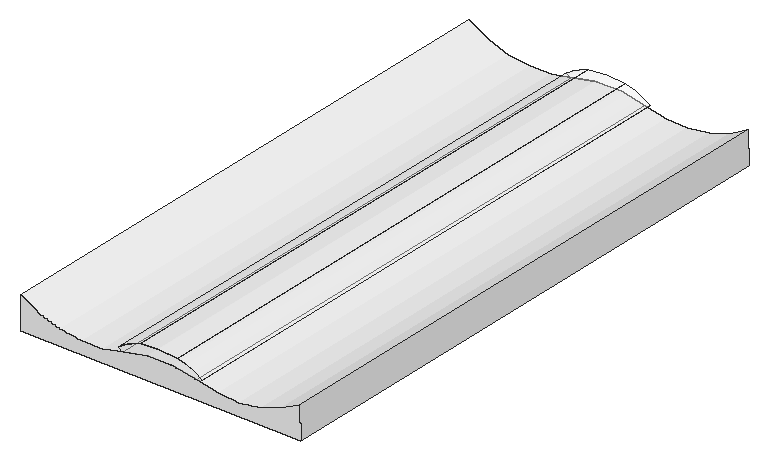
Revit family "SLK24", category Lighting Fixtures, host Face, Revit 2021
Family settings
  Host = Face
  Round Connector Dimension = Use Diameter
  Part Type = Normal
  OmniClass Number = 23.80.70.11.14.17
  OmniClass Title = Direct/Indirect
  Cut with Voids When Loaded = No
  Light Source = Yes
  Shared = Yes
  Room Calculation Point = No
Parameters
  Width 1 = 5.000"
  Width = 11.630"
  Watts = 32 W  # constant formula
  Wattage Comments = "32W"
  Wattage = 44 W
  Warranty = "5 years Warranty"  # constant formula
  built-in parameter 1150110 = 1 (stored number, unit not read)
  Voltage = 120 V
  URL = "https://www.currentlighting.com/columbia"
  built-in parameter 1114217 = 1 (stored number, unit not read)
  Tilt Angle = -90.00°
  built-in parameter 1150109 = 1 (stored number, unit not read)
  built-in parameter 1150134 = (empty or 0)
  built-in parameter 1150113 = 1 (stored number, unit not read)
  Reflector Finish = White Glass
  Product Page URL = ""
  Product Doucmentation Link = ""
  Power Factor = 1
  Photometric Web File = "SLK24-30HLG-EU.ies"
  Photometric Note = "For more Photometric files please refer to the website"  # constant formula
  Model = "SLK24"
  Manufacturer = "columbia lighting"  # constant formula
  built-in parameter 1150105 = 434.17 (stored number, unit not read)
  Lumens = 5456 lm
  built-in parameter 1150115 = 1 (stored number, unit not read)
  Load Classification = Lighting
  built-in parameter 1150137 = (empty or 0)
  built-in parameter 1150139 = (empty or 0)
  Length 02 = 48.000"
  Length = 24.000"
  built-in parameter 1150112 = 1 (stored number, unit not read)
  built-in parameter 1150114 = 1 (stored number, unit not read)
  Lamp = "LED"  # constant formula
  built-in parameter 1150132 = (empty or 0)
  built-in parameter 1150102 = (empty or 0)
  built-in parameter 1150107 = 3500 (stored number, unit not read)
  built-in parameter 1150138 = (empty or 0)
  built-in parameter 1150106 = 4.3417 (stored number, unit not read)
  Housing Material = Paint - Matte White
  Features = "Contemporary style LED retrofit for existing 2x4 prismatic or parabolic troffers with depth 3-1/8Inch or greater • 83 CRI standard or optional 90 CRI for color sensitive applications • Fully integrated hinged door assembly allows for easy installation and rapid troffer conversion • Reduces job site waste by reusing existing fixture housing • High efficiency acrylic center lens features linear prisms for high performance without pixelation • HE lumen packages available • 60,000 hour LEDs at L80 (up to 150,000 hour projected life) for reduced maintenance • Optional architecturally styled integration of daylight and occupancy sensor(s) • Optional SpectraSync™ offers three modes of tunable white solutions and integrates seamlessly into a variety of control systems • NX Distributed Intelligence™ provides options for standalone and networked integrated sensor with wired connectivity for NX system deployments • DLC® (DesignLights Consortium) Qualified, with some Premium Qualified configurations - see www.designlights.org • Five year warranty (Terms and Conditions Apply)"  # constant formula
  Emit from Rectangle Width = Length - 1.000"  # 23.000"
  Emit from Rectangle Length = Length 02 - 1.000"  # 47.000"
  Emit Shape Visible in Rendering = no
  built-in parameter 1150104 = 11.52 (stored number, unit not read)
  Dimming Lamp Color Temperature Shift = <None>
  Description = "The SLK is a retrofit door kit with a contemporary appearance and LED efficacy."  # constant formula
  Default Elevation = 48.000"
  Copyright = "©  Columbia Lighting"  # constant formula
  Contact = ""
  Connector Description = "Lighting Connector"  # constant formula
  Color Filter = 16777215
  built-in parameter 1114216 [instance] = (empty or 0)
  Certifications = "All luminaires are built to UL and CSA standards"  # constant formula
  built-in parameter 1114218 = 1 (stored number, unit not read)
  built-in parameter 1150133 = 10 (stored number, unit not read)
  Assembly Code = "D5020200"
  Apparent Load = Watts / Power Factor  # 32 VA
Reference planes (in)
  plane 1 "Center (Front/Back)": y = 0
  plane 2: z = 0
  plane 3 "Center (Left/Right)": x = 0
  plane 4: x = 12
  plane 5: x = -12
  plane 6: z = 0.125
  plane 7: y = 24
  plane 8: y = -24
Forms (in)
  Extrusion 1, void
    sketch origin (0, 0, 0) x (1, 0, 0) y (0, 1, 0)
      loop
        line (-12, 24) -> (-12, -24) -> (12, -24) -> (12, 24) -> (-12, 24)
    from 0 to -3.125
  Extrusion 2, solid, material "Paint - Matte White" <- "Housing Material"
    sketch origin (0, 0, 0) x (1, 0, 0) y (0, 0, 1)
      loop
        line (-12, 0) -> (-12, -2.75) -> (12, -2.75) -> (12, 0)
        arc (12, 0) -> (7.67927, -1.59022) -> (3.08759, -1.25256) r 10.88829
        arc (3.08759, -1.25256) -> (0, -0.80731) -> (-3.08759, -1.25256) r 10.92816
        arc (-3.08759, -1.25256) -> (-7.67927, -1.59022) -> (-12, 0) r 10.88829
    from 24 to -24
  Extrusion 3, solid, material "White Glass" <- "Reflector Finish"
    sketch origin (0, 0, 0) x (1, 0, 0) y (0, 0, 1)
      loop
        arc (1.50479, -0.16554) -> (-0.08818, -0.01582) -> (-1.68006, -0.17674) r 8.24073
        arc (-1.68006, -0.17674) -> (-2.66509, -0.51169) -> (-3.54766, -1.06262) r 4.52834
        arc (-3.54766, -1.06262) -> (-3.36415, -1.27103) -> (-3.08754, -1.29556) r 0.37416
        arc (-3.08754, -1.29556) -> (0.00664, -0.84674) -> (3.10142, -1.29139) r 10.94083
        arc (3.10142, -1.29139) -> (3.39046, -1.27693) -> (3.61953, -1.10007) r 0.48383
        arc (3.61953, -1.10007) -> (2.62024, -0.50138) -> (1.50479, -0.16554) r 4.72228
    from 24 to -24
Dimensions and locks (in)
  "Length 02": plane 8 to plane 7
  equal spacing: plane 8, plane 1 "Center (Front/Back)", plane 7
  "Length": plane 5 to plane 4
  equal spacing: plane 5, plane 3 "Center (Left/Right)", plane 4
  aligned and locked: plane 2 to host face
  aligned and locked: level to host face
  aligned and locked: plane 3 "Center (Left/Right)" to imposter light
  aligned and locked: Extrusion 2 to plane 7
  aligned and locked: plane 8 to Extrusion 2
  aligned and locked: plane 8 to Extrusion 3
  aligned and locked: imposter light to plane 6
  aligned and locked: Extrusion 2 to Extrusion 3
Automatic sketch dimensions
  host sketch curve to host sketch curve = 96.000"  (x2)
  Extrusion 1 sketch curve to plane 5 = 0.000"
  Extrusion 1 sketch curve to plane 4 = 0.000"
  plane 8 to Extrusion 1 sketch curve = 0.000"
  plane 7 to Extrusion 1 sketch curve = 0.000"
  Extrusion 2 sketch curve to plane 5 = 0.000"
  Extrusion 2 sketch curve to plane 3 "Center (Left/Right)" = 0.000"
  Extrusion 2 sketch curve to plane 4 = 0.000"
  Extrusion 2 sketch curve to level = 0.000"  (x2)
  Extrusion 2 sketch curve to plane 4 = 5.83609"
  Extrusion 2 sketch curve to level = 2.750"
  Extrusion 2 sketch curve to level = 1.25256"  (x2)
  Extrusion 2 sketch curve to plane 3 "Center (Left/Right)" = 3.08759"
  Extrusion 2 sketch curve to Extrusion 2 sketch curve = 0.000"  (x2)
  Extrusion 3 sketch curve to plane 3 "Center (Left/Right)" = 0.05919"
  Extrusion 3 sketch curve to plane 3 "Center (Left/Right)" = 0.72438"
  Extrusion 3 sketch curve to level = 0.93721"
  Extrusion 3 sketch curve to plane 3 "Center (Left/Right)" = 3.19514"
  plane 3 "Center (Left/Right)" to Extrusion 3 sketch curve = 0.71147"
  Extrusion 3 sketch curve to level = 0.82305"
  plane 3 "Center (Left/Right)" to Extrusion 3 sketch curve = 3.22286"
  Extrusion 3 sketch curve to Extrusion 3 sketch curve = 3.99765"
  Extrusion 3 sketch curve to Extrusion 3 sketch curve = 0.21761"
  Extrusion 3 sketch curve to Extrusion 3 sketch curve = 3.65341"
  Extrusion 3 sketch curve to level = 0.17674"
  Extrusion 3 sketch curve to plane 3 "Center (Left/Right)" = 1.68006"
  Extrusion 3 sketch curve to Extrusion 3 sketch curve = 0.1076"
  Extrusion 3 sketch curve to Extrusion 3 sketch curve = 0.35252"
  Extrusion 3 sketch curve to level = 0.16554"
  Extrusion 3 sketch curve to Extrusion 3 sketch curve = 0.12144"
  Extrusion 3 sketch curve to Extrusion 3 sketch curve = 0.39667"
  Extrusion 3 sketch curve to Extrusion 3 sketch curve = 0.000"
Connectors (in)
  electrical at (0, 0, -2.75), driven by "Voltage", driven by "Apparent Load", driven by "Power Factor", driven by "Connector Description"
    settings: on Extrusion 2, index 1, voltage 120 V, apparent load 32 VA, apparent load phase1 0 VA, apparent load phase2 0 VA, apparent load phase3 0 VA, power factor 1, load classification "Other", number of poles 1, system type 30, power factor state 1, is connector primary yes, connector utility no, sub classification motor no, connector description "Lighting Connector"
